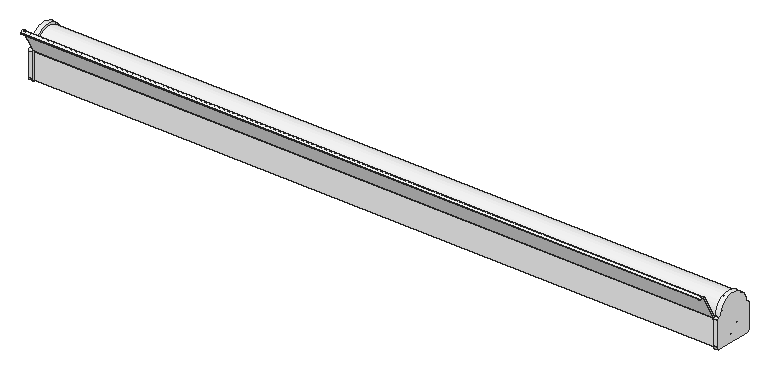
Revit family "0045173+0045234 Feilo Sylvania Lighting Fixture SYLBATTEN LED5-5 NW TP3 with ASYMMETRIC REFLECTOR ACCESSORY 1200MM", category Lighting Fixtures, host Face, Revit 2017
Family settings
  Host = Face
  Round Connector Dimension = Use Diameter
  Part Type = Normal
  OmniClass Number = 23.80.70.00
  OmniClass Title = Lighting
  Cut with Voids When Loaded = No
  Light Source = Yes
  Shared = No
  Room Calculation Point = No
Parameters (values of type "0045173 SYLBATTEN LED5.5 NW TP3")
  Width_FEILO = 66 mm
  Weight = "2.568 kg"
  Wattage Comments = "n/a"
  Wattage = 53 W
  WarrantyStartDate [instance] = "n/a"
  WarrantyGuarantorParts = "n/a"
  WarrantyDurationUnit = "n/a"
  WarrantyDurationParts = "n/a"
  WarrantyDescription = "n/a"
  built-in parameter 1150110 = 1 (stored number, unit not read)
  Voltage = 230 V
  URL = "http://www.sylvania-lighting.com"
  TypeName = "SYLBATTEN LED5.5 NW TP3"
  Type Image = <None>
  Type Comments = "n/a"
  built-in parameter 1114217 = 1 (stored number, unit not read)
  Tilt Angle = -90.00°
  built-in parameter 1150109 = 1 (stored number, unit not read)
  built-in parameter 1150134 = 12
  SymReflector_FEILO = no
  built-in parameter 1150113 = 1 (stored number, unit not read)
  SerialNumber [instance] = "n/a"
  PowerFactor = 0
  PowerConsumption = "53 W"
  Photometric Web File = "0045173+0045234.ies"
  NominalLength = 1205 mm
  NominalHeight = 91 mm
  NominalDepth = 122 mm
  Name = "SYLBATTEN LED5.5 NW TP3"
  ModelReference = Name  # "SYLBATTEN LED5.5 NW TP3"
  ModelNumber = "0045173"
  Model = Name  # "SYLBATTEN LED5.5 NW TP3"
  Material_4_FEILO = Reflector-Sylvania-Sylbatten-White
  Material_3_FEILO = Diffuser-Sylvania-Sylbatten-Glow
  Material_2_FEILO = Body-Sylvania-Sylbatten-White
  Material_1_FEILO = Body-Sylvania-Sylbatten-White
  Material = "sheet steel housing, polycarbonate diffuser"
  ManufacturerName = "Feilo Sylvania"
  Manufacturer = "Feilo Sylvania"
  LuminousEfficacy = "106.2 lm/W"
  built-in parameter 1150105 = 447.99 (stored number, unit not read)
  Lumens = 5629.66 lm
  LuminaireType = ""
  built-in parameter 1150115 = 1 (stored number, unit not read)
  LightOutputRatio = "100"
  built-in parameter 1150137 = (empty or 0)
  built-in parameter 1150139 = (empty or 0)
  Length_FEILO = 1205 mm
  LampsType = Lamp  # "LED"
  LampNominalLuminous = "5630 lm"
  LampMacAdamStep = "n/a"
  LampColourTemperature = "4000 K"
  LampColourRenderingIndex = "80"
  built-in parameter 1150112 = 1 (stored number, unit not read)
  built-in parameter 1150114 = 1 (stored number, unit not read)
  Lamp = "LED"
  Keynote = "16500"
  InstallationDate [instance] = "n/a"
  InputVoltage = "220-240V~"
  InputNominalFrequency = "n/a"
  built-in parameter 1150132 = (empty or 0)
  built-in parameter 1150102 = (empty or 0)
  built-in parameter 1150107 = 4000 (stored number, unit not read)
  built-in parameter 1150138 = (empty or 0)
  IngressProtection = "IP20"
  ImpactProtectionIndex = "IK07"
  built-in parameter 1150106 = 4.4799 (stored number, unit not read)
  IfcExportType = "IfcLightFixtureType"
  IfcExportAs = "IfcLightFixtureType"
  Height_FEILO = 76 mm
  ExpectedLife = 50000
  Emit from Rectangle Width = Length_FEILO - 16 mm  # 1189 mm
  Emit from Rectangle Length = Width_FEILO - 40 mm  # 26 mm
  Emit Shape Visible in Rendering = no
  ElectricShockClassification = "Class I"
  built-in parameter 1150104 = 9.8682 (stored number, unit not read)
  DurationUnit = "hours"
  DocumentationLiterature = "http://www.sylvania-lighting.com/product/en-int/products/0045173"
  DimmingControlOptions = "n/a"
  Dimming Lamp Color Temperature Shift = <None>
  Description = "LED batten, T8 replacement, ease of installation through 2 part push-in design of the housing (safety cable included), through wiring capability (TP3 = 3 core), sheet steel, 5630M, 53W, 106lm/W, 4000K, drive current: 350mA, CRI 80, 138° wide beam angle, electronic driver (non dimmable), IP20, IK07, 50,000 hrs (L70), (LxWxH) 1205x66x76mm, 5 step MacAdam ellipse, 3kg, white RAL9016, Class 1, 220-240V, energy class: A++, A+, A."
  Default Elevation = 1219.2 mm
  CreatedOn = "1/25/2018"
  CreatedBy = ""
  Cost = 0
  Color Filter = 16777215
  built-in parameter 1114216 [instance] = (empty or 0)
  ClassificationValue = "EF_70_80"
  ClassificationName = "Uniclass2015"
  CapOffset_FEILO = 2 mm
  BarCode [instance] = "n/a"
  built-in parameter 1114218 = 1 (stored number, unit not read)
  BackReflector_FEILO = and(not(AsymReflector_FEILO), SymReflector_FEILO)  # no
  built-in parameter 1150133 = 10 (stored number, unit not read)
  FrontReflector_FEILO = or(AsymReflector_FEILO, SymReflector_FEILO)  # yes
  AsymReflector_FEILO = yes
  AssetType = "Fixed"
  AssetIdentifier [instance] = "n/a"
  Assembly Code = "D5020200"
  Apparent Load = 53 VA
Reference planes
  plane 1 "Center (Front/Back)": y = 0
  plane 2: z = 0
  plane 3 "Center (Left/Right)": x = 0
  plane 4: x = 602.5
  plane 5: x = -602.5
  plane 6: y = 33
  plane 7: y = -33
  plane 8: z = 76
  plane 9: z = 47
  plane 10: y = -29
  plane 11: y = 29
  plane 12: z = 20
  plane 13: z = 74
  plane 14: y = -31
  plane 15: y = -27
  plane 16: y = 27
  plane 17: y = 31
  plane 18: z = 2
  plane 19: x = -594.5
  plane 20: x = 594.5
  plane 21: z = 49
  plane 22: y = 1
  plane 23: y = -1
  plane 24: z = 21
  plane 25: z = 19
  plane 26: y = -61
  plane 27: y = 61
  plane 28: y = -56
  plane 29: y = 56
  plane 30: z = 91
  plane 31: z = 88
Forms (mm)
  Extrusion 1, solid, material "Body-Sylvania-Sylbatten-White" <- "Material_2_FEILO"
    sketch origin (0, 0, 0) x (0, 1, 0) y (0, 0, 1)
      loop
        line (-31, 2) -> (31, 2) -> (31, 45)
        arc (31, 45) -> (30.414, 46.414) -> (29, 47) r 2
        line (29, 47) -> (27, 47)
        arc (27, 47) -> (0, 74) -> (-27, 47) r 27
        line (-27, 47) -> (-29, 47)
        arc (-29, 47) -> (-30.414, 46.414) -> (-31, 45) r 2
        line (-31, 45) -> (-31, 2)
    from -594.5 to 594.5
  Extrusion 2, solid, material "Body-Sylvania-Sylbatten-White" <- "Material_2_FEILO"
    sketch origin (602.5, 1524, 1219.2) x (0, 1, 0) y (0, 0, 1)
      loop
        arc (-1494, -1219.2) -> (-1491.879, -1218.321) -> (-1491, -1216.2) r 3
        line (-1491, -1216.2) -> (-1491, -1173.2)
        arc (-1491, -1173.2) -> (-1491.879, -1171.079) -> (-1494, -1170.2) r 3
        line (-1494, -1170.2) -> (-1495.069, -1170.2)
        arc (-1495.069, -1170.2) -> (-1524, -1143.2) -> (-1552.931, -1170.2) r 29
        line (-1552.931, -1170.2) -> (-1554, -1170.2)
        arc (-1554, -1170.2) -> (-1556.121, -1171.079) -> (-1557, -1173.2) r 3
        line (-1557, -1173.2) -> (-1557, -1216.2)
        arc (-1557, -1216.2) -> (-1556.121, -1218.321) -> (-1554, -1219.2) r 3
        line (-1554, -1219.2) -> (-1494, -1219.2)
      loop
        arc (-1525, -1189.25) -> (-1531.071, -1192.129) -> (-1533.95, -1198.2) r 10
        line (-1533.95, -1198.2) -> (-1532.944, -1198.2)
        arc (-1532.944, -1198.2) -> (-1530.364, -1192.836) -> (-1525, -1190.256) r 9
        line (-1525, -1190.256) -> (-1525, -1189.25)
      loop
        arc (-1523, -1190.256) -> (-1517.636, -1192.836) -> (-1515.056, -1198.2) r 9
        line (-1515.056, -1198.2) -> (-1514.05, -1198.2)
        arc (-1514.05, -1198.2) -> (-1516.929, -1192.129) -> (-1523, -1189.25) r 10
        line (-1523, -1189.25) -> (-1523, -1190.256)
      loop
        line (-1532.944, -1200.2) -> (-1533.95, -1200.2)
        arc (-1533.95, -1200.2) -> (-1531.071, -1206.271) -> (-1525, -1209.15) r 10
        line (-1525, -1209.15) -> (-1525, -1208.144)
        arc (-1525, -1208.144) -> (-1530.364, -1205.564) -> (-1532.944, -1200.2) r 9
      loop
        arc (-1515.056, -1200.2) -> (-1517.636, -1205.564) -> (-1523, -1208.144) r 9
        line (-1523, -1208.144) -> (-1523, -1209.15)
        arc (-1523, -1209.15) -> (-1516.929, -1206.271) -> (-1514.05, -1200.2) r 10
        line (-1514.05, -1200.2) -> (-1515.056, -1200.2)
    from 0 to -8
  Extrusion 3, solid, material "Body-Sylvania-Sylbatten-White" <- "Material_2_FEILO"
    sketch origin (-602.5, 1524, 1219.2) x (0, 1, 0) y (0, 0, 1)
      loop
        arc (-1495.069, -1170.2) -> (-1524, -1143.2) -> (-1552.931, -1170.2) r 29
        line (-1552.931, -1170.2) -> (-1554, -1170.2)
        arc (-1554, -1170.2) -> (-1556.121, -1171.079) -> (-1557, -1173.2) r 3
        line (-1557, -1173.2) -> (-1557, -1216.2)
        arc (-1557, -1216.2) -> (-1556.121, -1218.321) -> (-1554, -1219.2) r 3
        line (-1554, -1219.2) -> (-1494, -1219.2)
        arc (-1494, -1219.2) -> (-1491.879, -1218.321) -> (-1491, -1216.2) r 3
        line (-1491, -1216.2) -> (-1491, -1173.2)
        arc (-1491, -1173.2) -> (-1491.879, -1171.079) -> (-1494, -1170.2) r 3
        line (-1494, -1170.2) -> (-1495.069, -1170.2)
      loop
        line (-1533.95, -1198.2) -> (-1532.944, -1198.2)
        arc (-1532.944, -1198.2) -> (-1530.364, -1192.836) -> (-1525, -1190.256) r 9
        line (-1525, -1190.256) -> (-1525, -1189.25)
        arc (-1525, -1189.25) -> (-1531.071, -1192.129) -> (-1533.95, -1198.2) r 10
      loop
        line (-1523, -1189.25) -> (-1523, -1190.256)
        arc (-1523, -1190.256) -> (-1517.636, -1192.836) -> (-1515.056, -1198.2) r 9
        line (-1515.056, -1198.2) -> (-1514.05, -1198.2)
        arc (-1514.05, -1198.2) -> (-1516.929, -1192.129) -> (-1523, -1189.25) r 10
      loop
        line (-1514.05, -1200.2) -> (-1515.056, -1200.2)
        arc (-1515.056, -1200.2) -> (-1517.636, -1205.564) -> (-1523, -1208.144) r 9
        line (-1523, -1208.144) -> (-1523, -1209.15)
        arc (-1523, -1209.15) -> (-1516.929, -1206.271) -> (-1514.05, -1200.2) r 10
      loop
        line (-1525, -1209.15) -> (-1525, -1208.144)
        arc (-1525, -1208.144) -> (-1530.364, -1205.564) -> (-1532.944, -1200.2) r 9
        line (-1532.944, -1200.2) -> (-1533.95, -1200.2)
        arc (-1533.95, -1200.2) -> (-1531.071, -1206.271) -> (-1525, -1209.15) r 10
    from 0 to 8
  Extrusion 4, solid, material "Reflector-Sylvania-Sylbatten-White" <- "Material_4_FEILO", visible <- "FrontReflector_FEILO"
    sketch origin (0, 0, 0) x (0, 1, 0) y (0, 0, 1)
      loop
        line (-61.257, 88.429) -> (-60.743, 87.571) -> (-56.621, 90.044)
        arc (-56.621, 90.044) -> (-56.237, 90.099) -> (-55.929, 89.863) r 0.5
        line (-55.929, 89.863) -> (-31.435, 46.753) -> (-30.565, 47.247) -> (-55.312, 90.802)
        arc (-55.312, 90.802) -> (-55.928, 91.275) -> (-56.696, 91.165) r 1
        line (-56.696, 91.165) -> (-61.257, 88.429)
    from -594.5 to 594.5
  Extrusion 5, solid, material "Reflector-Sylvania-Sylbatten-White" <- "Material_4_FEILO", visible <- "BackReflector_FEILO"
    sketch origin (0, 0, 0) x (0, 1, 0) y (0, 0, 1)
      loop
        line (30.565, 47.247) -> (31.435, 46.753) -> (55.932, 89.868)
        arc (55.932, 89.868) -> (56.245, 90.112) -> (56.638, 90.062) r 0.518
        line (56.638, 90.062) -> (61.033, 87.565) -> (61.527, 88.435) -> (56.682, 91.188)
        arc (56.682, 91.188) -> (55.922, 91.282) -> (55.318, 90.812) r 1
        line (55.318, 90.812) -> (30.565, 47.247)
    from -594.5 to 594.5
Lines and regions (mm)
  reference lines
    curve 1: line (0, -61, 88) -> (0, -56, 91)
    curve 2: line (0, -56, 91) -> (0, -31, 47)
    curve 3: line (0, 31, 47) -> (0, 56, 91)
    curve 4: line (0, 56, 91) -> (0, 61.28, 88)
Dimensions and locks
  equal spacing: plane 5, plane 3 "Center (Left/Right)", plane 4
  equal spacing: plane 7, plane 1 "Center (Front/Back)", plane 6
  "Width_FEILO": plane 7 to plane 6
  "Length_FEILO": plane 5 to plane 4
  "Height_FEILO": plane 8 to plane 2
  locked: plane 9 to plane 8 at 29
  equal spacing: plane 10, plane 1 "Center (Front/Back)", plane 11
  locked: plane 7 to plane 10 at 4
  locked: plane 12 to plane 2 at 20
  "CapOffset_FEILO": plane 13 to plane 8
  "CapOffset_FEILO": plane 7 to plane 14
  "CapOffset_FEILO": plane 10 to plane 15
  "CapOffset_FEILO": plane 17 to plane 6
  "CapOffset_FEILO": plane 16 to plane 11
  "CapOffset_FEILO": plane 18 to plane 2
  locked: plane 14 to Extrusion 1 sketch curve at 2
  locked: Extrusion 1 sketch curve to plane 9 at 2  (x2)
  locked: plane 16 to Extrusion 1 sketch curve at 2
  equal spacing: plane 19, plane 3 "Center (Left/Right)", plane 20
  locked: plane 5 to plane 19 at 8
  "CapOffset_FEILO": plane 9 to plane 21
  locked: Extrusion 2 sketch curve to plane 2 at 47
  locked: Extrusion 1 sketch curve to plane 2 at 47
  locked: Extrusion 2 sketch curve to plane 2 at 3  (x2)
  locked: plane 7 to Extrusion 2 sketch curve at 3  (x2)
  locked: Extrusion 2 sketch curve to plane 6 at 3  (x2)
  locked: Extrusion 2 sketch curve to plane 21 at 3  (x2)
  equal spacing: plane 23, plane 1 "Center (Front/Back)", plane 22
  equal spacing: plane 25, plane 12, plane 24
  plane 30 to plane 31 to plane 2 = 3 mm locked, 88 mm locked
  plane 28 to plane 29 = 112 mm
  plane 26 to plane 27 = 122 mm
  aligned and locked: plane 2 to host face
  aligned and locked: level to host face
  aligned and locked: plane 18 to Extrusion 1 sketch curve
  aligned and locked: plane 14 to Extrusion 1 sketch curve
  aligned and locked: Extrusion 1 sketch curve to plane 9  (x2)
  aligned and locked: Extrusion 1 sketch curve to plane 17
  aligned and locked: plane 15 to Extrusion 1 sketch curve
  aligned and locked: plane 16 to Extrusion 1 sketch curve
  aligned and locked: plane 9 to Extrusion 1 sketch curve
  aligned and locked: plane 20 to Extrusion 1
  aligned and locked: level to Extrusion 2 sketch curve
  aligned and locked: Extrusion 2 sketch curve to plane 7
  aligned and locked: plane 21 to Extrusion 2 sketch curve
  aligned and locked: Extrusion 2 sketch curve to plane 21
  aligned and locked: plane 1 "Center (Front/Back)" to Extrusion 2 sketch curve  (x3)
  aligned and locked: Extrusion 2 to Extrusion 1
  aligned and locked: plane 4 to Extrusion 2
  aligned and locked: plane 12 to Extrusion 2 sketch curve  (x2)
  aligned and locked: Extrusion 2 sketch curve to plane 22
  aligned and locked: Extrusion 2 sketch curve to plane 23
  aligned and locked: Extrusion 2 sketch curve to plane 24
  aligned and locked: Extrusion 2 sketch curve to plane 25
  aligned and locked: plane 25 to Extrusion 2 sketch curve
  aligned and locked: plane 22 to Extrusion 2 sketch curve
  aligned and locked: plane 24 to Extrusion 2 sketch curve
  aligned and locked: plane 23 to Extrusion 2 sketch curve  (x2)
  aligned and locked: Extrusion 3 sketch curve to Extrusion 2  (x22)
  aligned and locked: Extrusion 3 to Extrusion 1
  aligned and locked: Extrusion 3 to plane 5
  aligned and locked: plane 19 to Extrusion 3
  aligned and locked: plane 31 to curve 1
  aligned and locked: plane 30 to curve 1
  aligned and locked: plane 14 to curve 2
  aligned and locked: plane 9 to curve 2
  aligned and locked: plane 17 to curve 3
  aligned and locked: plane 30 to curve 3
  aligned and locked: plane 31 to curve 4
  aligned and locked: Extrusion 4 sketch curve to curve 2
  aligned and locked: Extrusion 4 sketch curve to curve 1
  aligned and locked: Extrusion 4 to Extrusion 1
  aligned and locked: Extrusion 1 to Extrusion 4
  aligned and locked: imposter light to plane 1 "Center (Front/Back)"
  aligned and locked: imposter light to plane 3 "Center (Left/Right)"
  aligned and locked: imposter light to plane 13
  aligned and locked: Extrusion 5 sketch curve to curve 4
  aligned and locked: Extrusion 5 sketch curve to curve 3
  aligned and locked: Extrusion 1 to Extrusion 5
  aligned and locked: Extrusion 5 to Extrusion 1
Automatic sketch dimensions
  host sketch curve to host sketch curve = 2438.4 mm  (x2)
  Extrusion 2 sketch curve to Extrusion 2 sketch curve = 0 mm  (x14)
  Extrusion 2 sketch curve to plane 10 = 0.069 mm
  plane 23 to Extrusion 2 sketch curve = 8.95 mm
  Extrusion 2 sketch curve to Extrusion 2 sketch curve = 1.006 mm  (x4)
  Extrusion 2 sketch curve to plane 22 = 7.944 mm
  curve 1 to plane 26 = 0 mm
  curve 2 to plane 28 = 0 mm
  curve 4 to plane 29 = 0 mm
  plane 9 to curve 3 = 0 mm
  plane 26 to Extrusion 4 sketch curve = 0.257 mm
  Extrusion 4 sketch curve to plane 26 = 0.257 mm
  Extrusion 4 sketch curve to plane 30 = 0.165 mm
  plane 28 to Extrusion 4 sketch curve = 0.696 mm
  plane 28 to Extrusion 4 sketch curve = 0.621 mm
  plane 28 to Extrusion 4 sketch curve = 0.364 mm
  plane 28 to Extrusion 4 sketch curve = 0.182 mm
  Extrusion 4 sketch curve to plane 28 = 0.071 mm
  plane 30 to Extrusion 4 sketch curve = 0.198 mm
  Extrusion 4 sketch curve to plane 28 = 0.688 mm
  plane 9 to Extrusion 4 sketch curve = 0.247 mm
  plane 1 "Center (Front/Back)" to Extrusion 4 sketch curve = 31.435 mm
  Extrusion 5 sketch curve to plane 9 = 0.247 mm
  Extrusion 5 sketch curve to plane 1 "Center (Front/Back)" = 30.565 mm
  plane 9 to Extrusion 5 sketch curve = 0.247 mm
  plane 30 to Extrusion 5 sketch curve = 0.188 mm
  plane 29 to Extrusion 5 sketch curve = 0.068 mm
  Extrusion 5 sketch curve to plane 29 = 0.188 mm
  Extrusion 5 sketch curve to plane 29 = 0.382 mm
  Extrusion 5 sketch curve to Extrusion 5 sketch curve = 0.256 mm
  Extrusion 5 sketch curve to plane 30 = 0.188 mm
  Extrusion 5 sketch curve to plane 29 = 0.682 mm
  Extrusion 5 sketch curve to plane 27 = 0.033 mm
  Extrusion 5 sketch curve to plane 27 = 0.527 mm
Connectors
  electrical at (0, 0, 0), driven by "Apparent Load", driven by "PowerFactor", driven by "Voltage"
    settings: index 1, voltage 230 V, apparent load 53 VA, apparent load phase1 0 VA, apparent load phase2 0 VA, apparent load phase3 0 VA, power factor 0, load classification "Lighting", number of poles 1, system type 30, power factor state 1, is connector primary yes, connector utility no, sub classification motor no, connector description ""
